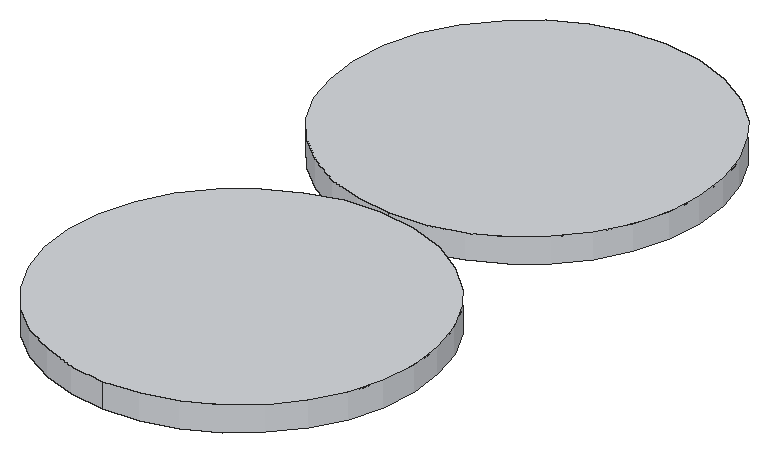
Revit family "Deca_Chuv. 1 - Aquamax_Chuveiro área externa _1998.EXT", category Plumbing Fixtures, host Face, Revit 2020
Family settings
  Host = Face
  Round Connector Dimension = Use Radius
  Part Type = Normal
  Cut with Voids When Loaded = No
  Shared = No
  Room Calculation Point = No
Parameters (values of type "1998.C.EXT_Cromado")
  WFU = 0
  Vazão na Pressão mín. (L/min) = ""
  Vazão na Pressão máx. (L/min) = ""
  URL = "www.deca.com.br"
  Tipo de rosca de saída = "-"
  Tipo de rosca de entrada = "BSP"
  Tipo de mecanismo utilizado = "Mecanismo 1/2 volta com desviador"
  Tipo de dispositivo economizador = "-"
  Segmento = "Luxo"
  Saída de Esgoto = "-"
  Raio Água Fria = 0.00 m  # constant formula
  Raio Ponto de Esgoto = 0.00 m  # constant formula
  Pressão mín. funcionamento = ""
  Pressão mín. Aquec. Passagem = "-"
  Pressão mín. Aquec. Acúmulo = "-"
  Pressão máx. funcionamento = ""
  Peso Líquido (Kg) = 0
  Norma = "Não possui"
  Model = "1998.C.EXT"
  Material = Deca_Cromado
  Manufacturer = "DECA"
  Linha = "Chuveiro de Área Externa"
  Itens de Instalação = "-"
  Informações Complementares = ""
  Diâmetro Água Fria = 2 * Raio Água Fria  # 0.00 m
  Diâmetro Ponto de Esgoto = 2 * Raio Ponto de Esgoto  # 0.00 m
  Description = ""
  Default Elevation = 0.00 m
  Código Pai = "1998.C.EXT"
  Criado por = "quattroD"
  Cores Componente = ""
  Cor Secundária = "-"
  Cor Principal = "Cromado"
  Cor Interna = ""
  Consumo = "-"
  Composição Componente = ""
  Composição Básica = "Liga de Cobre (Latão),Plásticos de Engenharia, Aço Inoxidavel e Elastômeros"
  Composição Assento = ""
  Composição Anel Vedação = ""
  Categoria = "Chuveiro / Duchas"
  CWFU = 0
  Atendimento ao Cliente = "0800-0117073"
  Assembly Code = ""
  Aprovado por = "quattroD"
  Acompanha o Produto = "Base"
Types (2, lengths in m): name | Model | Material | Código Pai | Cor Principal
  1998.C.EXT_Cromado | "1998.C.EXT" | Deca_Cromado | "1998.C.EXT" | "Cromado"
  1998.BL.EXT.MT | "1998.BL.EXT.MT" | Deca_Black Matte | "1998.BL.EXT.MT" | "Black Matte"
Reference planes (m)
  plane 1 "Center (Front/Back)": y = 0
  plane 2: z = 0
  plane 3 "Center (Left/Right)": x = -0.001415
  plane 4: y = 0.067696
  plane 5: y = -0.067696
  plane 6: x = 0.0877
  plane 7: x = -0.091502
  plane 8: y = -0.504804
  plane 9: y = -0.295612
  plane 10: x = 0.103498
  plane 11: x = -0.106502
  plane 12: x = -0.001415
  plane 13: y = -0.399804
  plane 14: z = 2.100294
  plane 15: z = 2.293
  plane 16: z = 1.1
  plane 17: z = 1.316018
  plane 18: x = -0.0795
  plane 19: x = 0.0715
Forms (m)
  Extrusion 1, solid
    sketch origin (-0.0015, 0.000196, 0.0065) x (-1, 0, 0) y (0, 1, 0)
      loop
        circle (-0.000703, -0.007587) r 0.007
    from 0 to 0.001
  Extrusion 2, solid
    sketch origin (-0.0015, 0.000196, 0.0065) x (-1, 0, 0) y (0, 1, 0)
      loop
        circle (-0.000966, 0.006524) r 0.007
    from 0 to 0.001
Lines and regions (m)
  Masking region 1
    outline origin (-0.963621, 0.430311, 0) x (1, 0, 0) y (0, 1, 0)
      loop
        arc (1.024819, -0.405115) -> (0.984992, -0.366608) -> (0.929759, -0.370878) r 0.0675
        arc (0.929759, -0.370878) -> (0.917277, -0.379663) -> (0.907088, -0.391028) r 0.0675
        arc (0.907088, -0.391028) -> (0.904923, -0.385828) -> (0.902066, -0.380974) r 0.040963
        arc (0.902066, -0.380974) -> (0.898815, -0.376039) -> (0.89388, -0.372789) r 0.014664
        arc (0.89388, -0.372789) -> (0.887354, -0.372528) -> (0.882112, -0.376425) r 0.009801
        arc (0.882112, -0.376425) -> (0.879662, -0.381436) -> (0.878657, -0.386921) r 0.020451
        arc (0.878657, -0.386921) -> (0.877755, -0.390409) -> (0.87766, -0.39401) r 0.015918
        arc (0.87766, -0.39401) -> (0.877251, -0.399555) -> (0.877166, -0.405115) r 0.095496
        line (0.877166, -0.405115) -> (0.87312, -0.405115)
        arc (0.87312, -0.405115) -> (0.872413, -0.405408) -> (0.87212, -0.406115) r 0.001
        line (0.87212, -0.406115) -> (0.87212, -0.421165)
        arc (0.87212, -0.421165) -> (0.872446, -0.421904) -> (0.873212, -0.422161) r 0.001
        arc (0.873212, -0.422161) -> (0.870626, -0.429691) -> (0.872734, -0.437369) r 0.0135
        arc (0.872734, -0.437369) -> (0.87263, -0.437772) -> (0.87264, -0.438188) r 0.0015
        arc (0.87264, -0.438188) -> (0.87226, -0.438555) -> (0.87212, -0.439065) r 0.001
        line (0.87212, -0.439065) -> (0.87212, -0.454115)
        arc (0.87212, -0.454115) -> (0.872413, -0.454822) -> (0.87312, -0.455115) r 0.001
        line (0.87312, -0.455115) -> (0.878355, -0.455115)
        arc (0.878355, -0.455115) -> (0.879341, -0.467022) -> (0.880022, -0.478951) r 0.467626
        arc (0.880022, -0.478951) -> (0.8886, -0.485715) -> (0.895878, -0.477568) r 0.007973
        arc (0.895878, -0.477568) -> (0.895341, -0.466324) -> (0.894307, -0.455115) r 0.254875
        line (0.894307, -0.455115) -> (0.89942, -0.455115)
        arc (0.89942, -0.455115) -> (0.919019, -0.482062) -> (0.94912, -0.496351) r 0.0675
        line (0.94912, -0.496351) -> (0.94912, -0.725923)
        arc (0.94912, -0.725923) -> (0.901062, -0.744692) -> (0.867746, -0.784086) r 0.105
        arc (0.867746, -0.784086) -> (0.858715, -0.848348) -> (0.889181, -0.905646) r 0.105
        arc (0.889181, -0.905646) -> (1.056847, -0.875411) -> (0.97512, -0.725923) r 0.105
        line (0.97512, -0.725923) -> (0.97512, -0.496351)
        arc (0.97512, -0.496351) -> (0.985069, -0.493594) -> (0.994481, -0.489352) r 0.0675
        arc (0.994481, -0.489352) -> (1.012639, -0.474882) -> (1.024819, -0.455115) r 0.0675
        line (1.024819, -0.455115) -> (1.04832, -0.455115) -> (1.05132, -0.452115) -> (1.05132, -0.408115) -> (1.04832, -0.405115) -> (1.024819, -0.405115)
  Masking region 2
    outline origin (-0.001415, 1.771022, -0.090396) x (0, 1, 0) y (0, 0, 1)
      loop
        line (-1.783926, 2.248396) -> (-1.783926, 1.405097) -> (-1.784326, 1.404403) -> (-1.784326, 1.403514) -> (-1.784326, 1.397514) -> (-1.785026, 1.396699) -> (-1.785026, 1.394864) -> (-1.78666, 1.394864) -> (-1.78666, 1.393164) -> (-1.785026, 1.393164) -> (-1.785026, 1.391864) -> (-1.786826, 1.391864) -> (-1.786826, 1.390164) -> (-1.785026, 1.390164) -> (-1.785026, 1.379864) -> (-1.78582, 1.379864) -> (-1.78582, 1.378164) -> (-1.785026, 1.378164) -> (-1.785026, 1.376864) -> (-1.786665, 1.376864) -> (-1.786665, 1.375164) -> (-1.785026, 1.375164) -> (-1.785026, 1.373864) -> (-1.786826, 1.373864) -> (-1.786826, 1.372164) -> (-1.785026, 1.372164) -> (-1.785026, 1.370864) -> (-1.786665, 1.370864) -> (-1.786665, 1.369164) -> (-1.785026, 1.369164) -> (-1.785026, 1.367864) -> (-1.786826, 1.367864) -> (-1.786826, 1.366164) -> (-1.785026, 1.366164) -> (-1.785026, 1.364864) -> (-1.786665, 1.364864) -> (-1.786665, 1.363164) -> (-1.785026, 1.363164) -> (-1.785026, 1.361864) -> (-1.786826, 1.361864) -> (-1.786826, 1.360164) -> (-1.785026, 1.360164) -> (-1.785026, 1.358864) -> (-1.786665, 1.358864) -> (-1.786665, 1.357164) -> (-1.785026, 1.357164) -> (-1.785026, 1.355864) -> (-1.785814, 1.355864) -> (-1.785814, 1.354164) -> (-1.784992, 1.354164) -> (-1.784992, 1.34387) -> (-1.786826, 1.34387) -> (-1.786826, 1.342164) -> (-1.785026, 1.342164) -> (-1.785026, 1.340864) -> (-1.786668, 1.340864) -> (-1.786668, 1.339164) -> (-1.785026, 1.339164) -> (-1.785026, 1.337514)
        arc (-1.785026, 1.337514) -> (-1.7848, 1.337096) -> (-1.784326, 1.337056) r 0.0005
        line (-1.784326, 1.337056) -> (-1.784326, 1.243396) -> (-1.790826, 1.243396) -> (-1.790826, 1.206975)
        arc (-1.790826, 1.206975) -> (-1.79104, 1.205534) -> (-1.79166, 1.204215) r 0.005
        arc (-1.79166, 1.204215) -> (-1.795754, 1.192296) -> (-1.793514, 1.179895) r 0.025
        arc (-1.793514, 1.179895) -> (-1.793168, 1.178867) -> (-1.793051, 1.177789) r 0.005
        line (-1.793051, 1.177789) -> (-1.793051, 1.147396) -> (-1.793051, 1.038445)
        arc (-1.793051, 1.038445) -> (-1.823626, 0.967198) -> (-1.853638, 0.895712) r 9.852343
        arc (-1.853638, 0.895712) -> (-1.864141, 0.865678) -> (-1.871149, 0.834643) r 0.278507
        arc (-1.871149, 0.834643) -> (-1.870884, 0.779256) -> (-1.85219, 0.727119) r 0.163938
        arc (-1.85219, 0.727119) -> (-1.826952, 0.69554) -> (-1.793051, 0.673518) r 0.126687
        line (-1.793051, 0.673518) -> (-1.793051, 0.140396) -> (-1.838326, 0.140396) -> (-1.838326, 0.090396) -> (-1.703326, 0.090396) -> (-1.703326, 0.140396) -> (-1.748601, 0.140396) -> (-1.748601, 0.657845)
        arc (-1.748601, 0.657845) -> (-1.718606, 0.656162) -> (-1.689706, 0.664366) r 0.090721
        arc (-1.689706, 0.664366) -> (-1.668624, 0.691324) -> (-1.661524, 0.724802) r 0.075922
        arc (-1.661524, 0.724802) -> (-1.676876, 0.800043) -> (-1.701201, 0.87288) r 0.634775
        arc (-1.701201, 0.87288) -> (-1.726001, 0.937595) -> (-1.748601, 1.003111) r 2.051636
        line (-1.748601, 1.003111) -> (-1.748601, 1.147396) -> (-1.748601, 1.177805)
        arc (-1.748601, 1.177805) -> (-1.748484, 1.178871) -> (-1.748142, 1.179888) r 0.005
        arc (-1.748142, 1.179888) -> (-1.745898, 1.192292) -> (-1.749993, 1.204215) r 0.025
        arc (-1.749993, 1.204215) -> (-1.750613, 1.205533) -> (-1.750826, 1.206973) r 0.005
        line (-1.750826, 1.206973) -> (-1.750826, 1.243396) -> (-1.757326, 1.243396) -> (-1.757326, 1.403514) -> (-1.757326, 1.404403) -> (-1.757826, 1.405117) -> (-1.757826, 2.268696) -> (-1.757826, 2.320396)
        arc (-1.757826, 2.320396) -> (-1.776279, 2.364944) -> (-1.820826, 2.383396) r 0.063
        line (-1.820826, 2.383396) -> (-2.120826, 2.383396)
        arc (-2.120826, 2.383396) -> (-2.165374, 2.364944) -> (-2.183826, 2.320396) r 0.063
        line (-2.183826, 2.320396) -> (-2.183826, 2.248396) -> (-2.183826, 2.246896) -> (-2.178576, 2.246896) -> (-2.178576, 2.24001) -> (-2.190226, 2.24001) -> (-2.191226, 2.23901) -> (-2.191226, 2.21091) -> (-2.187326, 2.21091) -> (-2.187326, 2.20459) -> (-2.275826, 2.20459) -> (-2.275826, 2.19379) -> (-2.271194, 2.19379)
        arc (-2.271194, 2.19379) -> (-2.268884, 2.193494) -> (-2.266561, 2.19333) r 0.041
        line (-2.266561, 2.19333) -> (-2.266469, 2.19069) -> (-2.075008, 2.19069) -> (-2.075039, 2.193332)
        arc (-2.075039, 2.193332) -> (-2.072742, 2.193497) -> (-2.070458, 2.19379) r 0.040999
        line (-2.070458, 2.19379) -> (-2.065826, 2.19379) -> (-2.065826, 2.20459) -> (-2.154326, 2.20459) -> (-2.154326, 2.21091) -> (-2.150426, 2.21091) -> (-2.150426, 2.23901) -> (-2.151426, 2.24001) -> (-2.163076, 2.24001) -> (-2.163076, 2.246896) -> (-2.157826, 2.246896) -> (-2.157826, 2.248396) -> (-2.157826, 2.320396)
        arc (-2.157826, 2.320396) -> (-2.146989, 2.346559) -> (-2.120826, 2.357396) r 0.037
        line (-2.120826, 2.357396) -> (-1.820826, 2.357396)
        arc (-1.820826, 2.357396) -> (-1.794663, 2.346559) -> (-1.783826, 2.320396) r 0.037
        line (-1.783826, 2.320396) -> (-1.783826, 2.248396)
  Masking region 3
    outline origin (-0.975871, 0, -0.096401) x (1, 0, 0) y (0, 0, 1)
      loop
        line (1.074158, 2.199795) -> (1.07937, 2.199795) -> (1.07937, 2.210595) -> (0.99087, 2.210595) -> (0.99087, 2.216915) -> (0.99477, 2.216915) -> (0.99477, 2.245015) -> (0.99377, 2.246015) -> (0.98737, 2.246015) -> (0.98737, 2.248772) -> (0.98737, 2.326401) -> (0.98737, 2.376401)
        arc (0.98737, 2.376401) -> (0.97437, 2.389401) -> (0.96137, 2.376401) r 0.013
        line (0.96137, 2.376401) -> (0.96137, 2.326401) -> (0.96137, 2.254401) -> (0.96137, 2.246015) -> (0.95497, 2.246015) -> (0.95397, 2.245015) -> (0.95397, 2.216915) -> (0.95787, 2.216915) -> (0.95787, 2.210595) -> (0.86937, 2.210595) -> (0.86937, 2.199795) -> (0.874003, 2.199795)
        arc (0.874003, 2.199795) -> (0.876399, 2.199491) -> (0.878809, 2.199329) r 0.041
        line (0.878809, 2.199329) -> (0.878901, 2.196695) -> (0.961225, 2.196695) -> (0.961225, 1.249401) -> (0.95437, 1.249401) -> (0.95437, 1.226401)
        arc (0.95437, 1.226401) -> (0.952906, 1.222865) -> (0.94937, 1.221401) r 0.005
        line (0.94937, 1.221401) -> (0.90956, 1.221401)
        arc (0.90956, 1.221401) -> (0.90908, 1.221343) -> (0.908629, 1.221171) r 0.002
        line (0.908629, 1.221171) -> (0.906695, 1.220153) -> (0.906695, 1.223544) -> (0.90987, 1.224219) -> (0.90987, 1.411019)
        arc (0.90987, 1.411019) -> (0.903156, 1.412068) -> (0.89637, 1.412419) r 0.065789
        arc (0.89637, 1.412419) -> (0.889584, 1.412068) -> (0.88287, 1.411019) r 0.065789
        line (0.88287, 1.411019) -> (0.88287, 1.224219) -> (0.886045, 1.223544) -> (0.886045, 1.219408)
        arc (0.886045, 1.219408) -> (0.884967, 1.219585) -> (0.88437, 1.21867) r 0.001
        line (0.88437, 1.21867) -> (0.88437, 1.174132)
        spline (0.88437, 1.174132) -> (0.884379, 1.174011) -> (0.884404, 1.173893) -> (0.884446, 1.173778) -> (0.884504, 1.173669) -> (0.884576, 1.173569) -> (0.884662, 1.173477) -> (0.88476, 1.173397) -> (0.884868, 1.17333) -> (0.884985, 1.173276) -> (0.885108, 1.173237) -> (0.885236, 1.173213) -> (0.885366, 1.173204)
        line (0.885366, 1.173204) -> (0.889623, 1.173204)
        arc (0.889623, 1.173204) -> (0.888267, 1.108204) -> (0.889623, 1.043204) r 1.55899
        arc (0.889623, 1.043204) -> (0.890523, 1.007218) -> (0.890224, 0.971221) r 1.079301
        arc (0.890224, 0.971221) -> (0.889786, 0.936221) -> (0.890224, 0.901221) r 1.399961
        arc (0.890224, 0.901221) -> (0.890818, 0.853721) -> (0.890224, 0.806221) r 1.899947
        arc (0.890224, 0.806221) -> (0.892705, 0.751221) -> (0.890224, 0.696221) r 0.610904
        arc (0.890224, 0.696221) -> (0.889422, 0.683417) -> (0.889329, 0.670587) r 0.232257
        arc (0.889329, 0.670587) -> (0.896423, 0.661691) -> (0.905212, 0.668918) r 0.007986
        arc (0.905212, 0.668918) -> (0.906577, 0.693524) -> (0.909626, 0.717979) r 0.359181
        arc (0.909626, 0.717979) -> (0.913368, 0.749303) -> (0.914631, 0.780824) r 0.400078
        arc (0.914631, 0.780824) -> (0.923851, 0.906781) -> (0.93237, 1.032788) r 22.720401
        arc (0.93237, 1.032788) -> (0.93213, 1.087259) -> (0.932361, 1.14173) r 6.313801
        line (0.932361, 1.14173) -> (0.93189, 1.143486) -> (0.93189, 1.159486) -> (0.935337, 1.159486) -> (0.936508, 1.160657) -> (0.936508, 1.168367) -> (0.935389, 1.169486) -> (0.933573, 1.169486) -> (0.933573, 1.170647) -> (0.934695, 1.170647) -> (0.93545, 1.171401) -> (0.947145, 1.171401)
        arc (0.947145, 1.171401) -> (0.950681, 1.169937) -> (0.952145, 1.166401) r 0.005
        line (0.952145, 1.166401) -> (0.952145, 1.153401) -> (0.952145, 0.146401) -> (0.90687, 0.146401) -> (0.90687, 0.096401) -> (1.04187, 0.096401) -> (1.04187, 0.146401) -> (0.996595, 0.146401) -> (0.996595, 1.153401) -> (0.996595, 1.166412)
        arc (0.996595, 1.166412) -> (0.998068, 1.169945) -> (1.001607, 1.171401) r 0.005
        line (1.001607, 1.171401) -> (1.026821, 1.171401) -> (1.06057, 1.171401) -> (1.06357, 1.174401) -> (1.06357, 1.218401) -> (1.06058, 1.221391) -> (1.05212, 1.221391) -> (1.05212, 1.288101) -> (1.04257, 1.288101) -> (1.04257, 1.221401) -> (1.029479, 1.221401) -> (0.99937, 1.221401)
        arc (0.99937, 1.221401) -> (0.995835, 1.222865) -> (0.99437, 1.226401) r 0.005
        line (0.99437, 1.226401) -> (0.99437, 1.249401) -> (0.98737, 1.249401) -> (0.98737, 2.196695) -> (1.070044, 2.196695) -> (1.070136, 2.199337)
        arc (1.070136, 2.199337) -> (1.072158, 2.199474) -> (1.07417, 2.19971) r 0.041
  symbolic lines
    curve 1: arc (-0.090409, 0.00815, 0) -> (-0.091175, 0.008407, 0) -> (-0.091502, 0.009146, 0) r 0.001
    curve 2: line (-0.091502, 0.009146, 0) -> (-0.091502, 0.024196, 0)
    curve 3: arc (-0.091502, 0.024196, 0) -> (-0.091209, 0.024903, 0) -> (-0.090502, 0.025196, 0) r 0.001
    curve 4: line (-0.090502, 0.025196, 0) -> (0.051998, 0.025196, 0)
    curve 5: line (0.051998, 0.025196, 0) -> (0.051998, -0.01179, 0)
    curve 6: line (0.051998, -0.01179, 0) -> (0.051998, -0.024804, 0)
    curve 7: line (0.052698, 0.025196, 0) -> (0.052698, -0.01179, 0)
    curve 8: line (0.052698, -0.01179, 0) -> (0.052698, -0.024804, 0)
    curve 9: line (0.084698, 0.025196, 0) -> (0.052698, 0.025196, 0)
    curve 10: line (0.087698, 0.022196, 0) -> (0.084698, 0.025196, 0)
    curve 11: line (0.087698, -0.021804, 0) -> (0.087698, 0.022196, 0)
    curve 12: line (0.084698, -0.024804, 0) -> (0.087698, -0.021804, 0)
    curve 13: line (0.052698, -0.024804, 0) -> (0.084698, -0.024804, 0)
    curve 14: line (0.084698, -0.024804, 0) -> (0.084698, -0.01179, 0)
    curve 15: line (0.084698, -0.01179, 0) -> (0.084698, 0.025196, 0)
    curve 16: arc (0.075667, -0.002081, 0) -> (0.073776, 0.004364, 0) -> (0.06733, 0.002473, 0) r 0.00475
    curve 17: arc (0.06733, 0.002473, 0) -> (0.069221, -0.003973, 0) -> (0.075667, -0.002081, 0) r 0.00475
    curve 18: arc (0.011498, -0.015003, 0) -> (0.01817, -0.003416, 0) -> (0.01605, 0.009784, 0) r 0.02
    curve 19: arc (0.01605, 0.009784, 0) -> (-0.01109, 0.017748, 0) -> (-0.019053, -0.009393, 0) r 0.02
    curve 20: arc (-0.019053, -0.009393, 0) -> (-0.017033, -0.012405, 0) -> (-0.014502, -0.015003, 0) r 0.02
    curve 21: arc (0.011498, 0.000196, 0) -> (-0.001502, 0.013196, 0) -> (-0.014502, 0.000196, 0) r 0.013
    curve 22: line (-0.014502, 0.000196, 0) -> (-0.014502, -0.049804, 0)
    curve 23: line (-0.014502, -0.049804, 0) -> (-0.014502, -0.349804, 0)
    curve 24: line (-0.014502, -0.349804, 0) -> (-0.014502, -0.399804, 0)
    curve 25: arc (-0.014502, -0.399804, 0) -> (-0.001502, -0.412804, 0) -> (0.011498, -0.399804, 0) r 0.013
    curve 26: line (0.011498, -0.399804, 0) -> (0.011498, -0.349804, 0)
    curve 27: line (0.011498, -0.349804, 0) -> (0.011498, -0.049804, 0)
    curve 28: line (0.011498, -0.049804, 0) -> (0.011498, 0.000196, 0)
    curve 29: arc (-0.014502, -0.384083, 0) -> (-0.021535, -0.395953, 0) -> (-0.019404, -0.409584, 0) r 0.0204
    curve 30: arc (-0.019404, -0.409584, 0) -> (0.008279, -0.417707, 0) -> (0.016401, -0.390024, 0) r 0.0204
    curve 31: arc (0.016401, -0.390024, 0) -> (0.014233, -0.38682, 0) -> (0.011498, -0.384083, 0) r 0.0204
    curve 32: arc (-0.014502, -0.385404, 0) -> (-0.020628, -0.396556, 0) -> (-0.018527, -0.409105, 0) r 0.0194
    curve 33: arc (-0.018527, -0.409105, 0) -> (0.007799, -0.416829, 0) -> (0.015524, -0.390503, 0) r 0.0194
    curve 34: arc (0.015524, -0.390503, 0) -> (0.013726, -0.387784, 0) -> (0.011498, -0.385404, 0) r 0.0194
    curve 35: line (0.051998, -0.024804, 0) -> (0.011498, -0.024804, 0)
    curve 36: line (-0.090502, -0.024804, 0) -> (-0.014502, -0.024804, 0)
    curve 37: arc (-0.091502, -0.023804, 0) -> (-0.091209, -0.024511, 0) -> (-0.090502, -0.024804, 0) r 0.001
    curve 38: line (-0.091502, -0.008754, 0) -> (-0.091502, -0.023804, 0)
    curve 39: arc (-0.090982, -0.007877, 0) -> (-0.091362, -0.008244, 0) -> (-0.091502, -0.008754, 0) r 0.001
    curve 40: arc (-0.090887, -0.007058, 0) -> (-0.090992, -0.007461, 0) -> (-0.090982, -0.007877, 0) r 0.0015
    curve 41: arc (-0.091002, -0.007633, 0) -> (-0.09092, -0.008122, 0) -> (-0.090683, -0.008557, 0) r 0.0015
    curve 42: arc (-0.090683, -0.008557, 0) -> (-0.079502, -0.014004, 0) -> (-0.06832, -0.008557, 0) r 0.0142
    curve 43: arc (-0.06832, -0.008557, 0) -> (-0.068015, -0.007835, 0) -> (-0.068116, -0.007058, 0) r 0.0015
    curve 44: arc (-0.085974, -0.011651, 0) -> (-0.067654, -0.006276, 0) -> (-0.073029, 0.012043, 0) r 0.0135
    curve 45: arc (-0.073029, 0.012043, 0) -> (-0.091349, 0.006668, 0) -> (-0.085974, -0.011651, 0) r 0.0135
    curve 46: arc (-0.091502, 0.009146, 0) -> (-0.091175, 0.008407, 0) -> (-0.090409, 0.00815, 0) r 0.001
    curve 47: line (-0.091502, 0.024196, 0) -> (-0.091502, 0.009146, 0)
    curve 48: arc (-0.090502, 0.025196, 0) -> (-0.091209, 0.024903, 0) -> (-0.091502, 0.024196, 0) r 0.001
    curve 49: line (-0.086456, 0.025196, 0) -> (-0.090502, 0.025196, 0)
    curve 50: line (-0.090502, 0.025196, 0) -> (0.051998, 0.025196, 0)
    curve 51: arc (-0.032659, -0.308778, 0) -> (-0.026734, -0.309785, 0) -> (-0.025727, -0.30386, 0) r 0.00425
    curve 52: arc (-0.025727, -0.30386, 0) -> (-0.031652, -0.302853, 0) -> (-0.032659, -0.308778, 0) r 0.00425
    curve 53: arc (-0.079657, -0.339591, 0) -> (-0.073732, -0.340599, 0) -> (-0.072725, -0.334673, 0) r 0.00425
    curve 54: arc (-0.072725, -0.334673, 0) -> (-0.07865, -0.333666, 0) -> (-0.079657, -0.339591, 0) r 0.00425
    curve 55: arc (-0.023747, -0.366945, 0) -> (-0.017821, -0.367952, 0) -> (-0.016814, -0.362027, 0) r 0.00425
    curve 56: arc (-0.016814, -0.362027, 0) -> (-0.022739, -0.36102, 0) -> (-0.023747, -0.366945, 0) r 0.00425
    curve 57: arc (-0.039626, -0.410807, 0) -> (-0.036837, -0.405482, 0) -> (-0.042161, -0.402693, 0) r 0.00425
    curve 58: arc (-0.042161, -0.402693, 0) -> (-0.04495, -0.408017, 0) -> (-0.039626, -0.410807, 0) r 0.00425
    curve 59: arc (-0.097701, -0.401308, 0) -> (-0.094912, -0.395984, 0) -> (-0.100236, -0.393195, 0) r 0.00425
    curve 60: arc (-0.100236, -0.393195, 0) -> (-0.103025, -0.398519, 0) -> (-0.097701, -0.401308, 0) r 0.00425
    curve 61: arc (-0.082919, -0.455528, 0) -> (-0.08013, -0.450204, 0) -> (-0.085454, -0.447415, 0) r 0.00425
    curve 62: arc (-0.085454, -0.447415, 0) -> (-0.088243, -0.452739, 0) -> (-0.082919, -0.455528, 0) r 0.00425
    curve 63: arc (-0.011318, -0.439367, 0) -> (-0.007117, -0.443664, 0) -> (-0.002819, -0.439463, 0) r 0.00425
    curve 64: arc (-0.002819, -0.439463, 0) -> (-0.00702, -0.435165, 0) -> (-0.011318, -0.439367, 0) r 0.00425
    curve 65: arc (-0.029798, -0.49176, 0) -> (-0.034, -0.487462, 0) -> (-0.038297, -0.491664, 0) r 0.00425
    curve 66: arc (-0.038297, -0.491664, 0) -> (-0.034096, -0.495961, 0) -> (-0.029798, -0.49176, 0) r 0.00425
    curve 67: arc (0.026336, -0.494456, 0) -> (0.022134, -0.490158, 0) -> (0.017836, -0.49436, 0) r 0.00425
    curve 68: arc (0.017836, -0.49436, 0) -> (0.022038, -0.498658, 0) -> (0.026336, -0.494456, 0) r 0.00425
    curve 69: arc (0.074491, -0.463185, 0) -> (0.079877, -0.460517, 0) -> (0.077209, -0.455131, 0) r 0.00425
    curve 70: arc (0.077209, -0.455131, 0) -> (0.071823, -0.457799, 0) -> (0.074491, -0.463185, 0) r 0.00425
    curve 71: arc (0.033091, -0.421366, 0) -> (0.038477, -0.418698, 0) -> (0.035809, -0.413312, 0) r 0.00425
    curve 72: arc (0.035809, -0.413312, 0) -> (0.030423, -0.41598, 0) -> (0.033091, -0.421366, 0) r 0.00425
    curve 73: arc (0.09712, -0.402578, 0) -> (0.091734, -0.405246, 0) -> (0.094402, -0.410632, 0) r 0.00425
    curve 74: arc (0.094402, -0.410632, 0) -> (0.099788, -0.407964, 0) -> (0.09712, -0.402578, 0) r 0.00425
    curve 75: arc (0.029695, -0.373567, 0) -> (0.028822, -0.367621, 0) -> (0.022875, -0.368494, 0) r 0.00425
    curve 76: arc (0.022875, -0.368494, 0) -> (0.023748, -0.37444, 0) -> (0.029695, -0.373567, 0) r 0.00425
    curve 77: arc (0.082261, -0.347116, 0) -> (0.081388, -0.34117, 0) -> (0.075441, -0.342043, 0) r 0.00425
    curve 78: arc (0.075441, -0.342043, 0) -> (0.076314, -0.347989, 0) -> (0.082261, -0.347116, 0) r 0.00425
    curve 79: arc (0.038432, -0.31194, 0) -> (0.037559, -0.305994, 0) -> (0.031613, -0.306867, 0) r 0.00425
    curve 80: arc (0.031613, -0.306867, 0) -> (0.032486, -0.312813, 0) -> (0.038432, -0.31194, 0) r 0.00425
    curve 81: arc (-0.078434, -0.338723, 0) -> (-0.0746, -0.339375, 0) -> (-0.073948, -0.335541, 0) r 0.00275
    curve 82: arc (-0.073948, -0.335541, 0) -> (-0.077782, -0.334889, 0) -> (-0.078434, -0.338723, 0) r 0.00275
    curve 83: arc (-0.022523, -0.366077, 0) -> (-0.018689, -0.366729, 0) -> (-0.018038, -0.362895, 0) r 0.00275
    curve 84: arc (-0.018038, -0.362895, 0) -> (-0.021872, -0.362243, 0) -> (-0.022523, -0.366077, 0) r 0.00275
    curve 85: arc (-0.02695, -0.304728, 0) -> (-0.030784, -0.304076, 0) -> (-0.031436, -0.30791, 0) r 0.00275
    curve 86: arc (-0.031436, -0.30791, 0) -> (-0.027602, -0.308562, 0) -> (-0.02695, -0.304728, 0) r 0.00275
    curve 87: arc (-0.098148, -0.399877, 0) -> (-0.096343, -0.396432, 0) -> (-0.099788, -0.394627, 0) r 0.00275
    curve 88: arc (-0.099788, -0.394627, 0) -> (-0.101593, -0.398072, 0) -> (-0.098148, -0.399877, 0) r 0.00275
    curve 89: arc (-0.040074, -0.409375, 0) -> (-0.038269, -0.40593, 0) -> (-0.041714, -0.404125, 0) r 0.00275
    curve 90: arc (-0.041714, -0.404125, 0) -> (-0.043519, -0.40757, 0) -> (-0.040074, -0.409375, 0) r 0.00275
    curve 91: arc (-0.083366, -0.454096, 0) -> (-0.081561, -0.450651, 0) -> (-0.085006, -0.448846, 0) r 0.00275
    curve 92: arc (-0.085006, -0.448846, 0) -> (-0.086811, -0.452291, 0) -> (-0.083366, -0.454096, 0) r 0.00275
    curve 93: arc (-0.036798, -0.49168, 0) -> (-0.034079, -0.494461, 0) -> (-0.031298, -0.491743, 0) r 0.00275
    curve 94: arc (-0.031298, -0.491743, 0) -> (-0.034017, -0.488962, 0) -> (-0.036798, -0.49168, 0) r 0.00275
    curve 95: arc (-0.004319, -0.439446, 0) -> (-0.007037, -0.436665, 0) -> (-0.009818, -0.439384, 0) r 0.00275
    curve 96: arc (-0.009818, -0.439384, 0) -> (-0.0071, -0.442165, 0) -> (-0.004319, -0.439446, 0) r 0.00275
    curve 97: arc (0.024836, -0.494439, 0) -> (0.022117, -0.491658, 0) -> (0.019336, -0.494377, 0) r 0.00275
    curve 98: arc (0.019336, -0.494377, 0) -> (0.022055, -0.497158, 0) -> (0.024836, -0.494439, 0) r 0.00275
    curve 99: arc (0.074971, -0.461764, 0) -> (0.078456, -0.460038, 0) -> (0.07673, -0.456553, 0) r 0.00275
    curve 100: arc (0.07673, -0.456553, 0) -> (0.073245, -0.458279, 0) -> (0.074971, -0.461764, 0) r 0.00275
    curve 101: arc (0.033571, -0.419945, 0) -> (0.037056, -0.418218, 0) -> (0.035329, -0.414733, 0) r 0.00275
    curve 102: arc (0.035329, -0.414733, 0) -> (0.031845, -0.41646, 0) -> (0.033571, -0.419945, 0) r 0.00275
    curve 103: arc (0.094882, -0.409211, 0) -> (0.098367, -0.407485, 0) -> (0.09664, -0.404, 0) r 0.00275
    curve 104: arc (0.09664, -0.404, 0) -> (0.093155, -0.405726, 0) -> (0.094882, -0.409211, 0) r 0.00275
    curve 105: arc (0.028491, -0.372672, 0) -> (0.027926, -0.368824, 0) -> (0.024078, -0.369389, 0) r 0.00275
    curve 106: arc (0.024078, -0.369389, 0) -> (0.024643, -0.373237, 0) -> (0.028491, -0.372672, 0) r 0.00275
    curve 107: arc (0.081057, -0.346221, 0) -> (0.080492, -0.342373, 0) -> (0.076644, -0.342938, 0) r 0.00275
    curve 108: arc (0.076644, -0.342938, 0) -> (0.077209, -0.346786, 0) -> (0.081057, -0.346221, 0) r 0.00275
    curve 109: arc (0.037229, -0.311045, 0) -> (0.036664, -0.307197, 0) -> (0.032816, -0.307762, 0) r 0.00275
    curve 110: arc (0.032816, -0.307762, 0) -> (0.033381, -0.31161, 0) -> (0.037229, -0.311045, 0) r 0.00275
    curve 111: arc (-0.056533, 0.039283, 0) -> (-0.053726, 0.032296, 0) -> (-0.051219, 0.025196, 0) r 0.176911
    curve 112: arc (-0.076939, 0.043891, 0) -> (-0.071828, 0.034842, 0) -> (-0.067961, 0.025196, 0) r 0.078278
    curve 113: arc (-0.071077, 0.025196, 0) -> (-0.070538, 0.028367, 0) -> (-0.070351, 0.031579, 0) r 0.029142
    curve 114: line (-0.001415, -0.386804, 2.158) -> (-0.001415, -0.399804, 2.158)
    curve 115: line (-0.001415, -0.399804, 2.158) -> (-0.001415, -0.412804, 2.158)
    curve 116: line (-0.001415, -0.392054, 2.1565) -> (-0.001415, -0.386804, 2.1565)
    curve 117: line (-0.001415, -0.412804, 2.1565) -> (-0.001415, -0.388395, 2.1565)
    curve 118: line (-0.001415, -0.409105, 2.149614) -> (-0.001415, -0.380404, 2.149614)
    curve 119: line (-0.001415, -0.407554, 2.149614) -> (-0.001415, -0.419204, 2.149614)
    curve 120: line (-0.001415, -0.409584, 2.148614) -> (-0.001415, -0.379404, 2.148614)
    curve 121: line (-0.001415, -0.420204, 2.148614) -> (-0.001415, -0.409584, 2.148614)
    curve 122: line (-0.001415, -0.409584, 2.121014) -> (-0.001415, -0.379404, 2.121014)
    curve 123: line (-0.001415, -0.420204, 2.121014) -> (-0.001415, -0.409584, 2.121014)
    curve 124: line (-0.001415, -0.379904, 2.120514) -> (-0.001415, -0.409345, 2.120514)
    curve 125: line (-0.001415, -0.409345, 2.120514) -> (-0.001415, -0.419704, 2.120514)
    curve 126: line (-0.001415, -0.407715, 2.114694) -> (-0.001415, -0.383304, 2.114694)
    curve 127: line (-0.001415, -0.416304, 2.114694) -> (-0.001415, -0.407715, 2.114694)
    curve 128: line (-0.001415, -0.353775, 2.114194) -> (-0.001415, -0.475335, 2.114194)
    curve 129: arc (-0.001415, 0.000196, 1.316018) -> (-0.001415, 0.006728, 1.315693) -> (-0.001415, 0.013196, 1.314721) r 0.065789
    curve 130: arc (-0.001415, -0.012904, 1.314701) -> (-0.001415, -0.006387, 1.315688) -> (-0.001415, 0.000196, 1.316018) r 0.065789
    curve 131: line (-0.001415, -0.0113, 1.314721) -> (-0.001415, -0.012904, 1.314701)
    curve 132: line (-0.001415, 0.013196, 1.314721) -> (-0.001415, -0.0113, 1.314721)
    curve 133: line (-0.001415, 0.013696, 1.314211) -> (-0.001415, -0.011651, 1.314211)
    curve 134: line (-0.001415, -0.011651, 1.314211) -> (-0.001415, -0.013304, 1.314211)
    curve 135: line (-0.001415, -0.011651, 1.313118) -> (-0.001415, -0.013304, 1.313118)
    curve 136: line (-0.001415, 0.013696, 1.313118) -> (-0.001415, -0.011651, 1.313118)
    curve 137: line (-0.001415, -0.00829, 1.307118) -> (-0.001415, -0.012304, 1.307118)
    curve 138: line (-0.001415, -0.005989, 1.305618) -> (-0.001415, -0.005989, 1.247618)
    curve 139: line (-0.001415, -0.008289, 1.246118) -> (-0.001415, -0.013304, 1.246118)
    curve 140: line (-0.001415, -0.014004, 1.304468) -> (-0.001415, -0.014004, 1.302768)
    curve 141: line (-0.001415, -0.014004, 1.301468) -> (-0.001415, -0.014004, 1.299768)
    curve 142: arc (-0.001415, -0.00829, 1.307118) -> (-0.001415, -0.006916, 1.30671) -> (-0.001415, -0.005989, 1.305618) r 0.002515
    curve 143: line (-0.001415, -0.014004, 1.289468) -> (-0.001415, -0.014004, 1.287768)
    curve 144: line (-0.001415, -0.014004, 1.286468) -> (-0.001415, -0.014004, 1.284768)
    curve 145: line (-0.001415, -0.014004, 1.283468) -> (-0.001415, -0.014004, 1.281768)
    curve 146: line (-0.001415, -0.014004, 1.280468) -> (-0.001415, -0.014004, 1.278768)
    curve 147: line (-0.001415, -0.014004, 1.275768) -> (-0.001415, -0.014004, 1.277468)
    curve 148: line (-0.001415, -0.014004, 1.274468) -> (-0.001415, -0.014004, 1.272768)
    curve 149: line (-0.001415, -0.014004, 1.271468) -> (-0.001415, -0.014004, 1.269768)
    curve 150: line (-0.001415, -0.014004, 1.268468) -> (-0.001415, -0.014004, 1.266768)
    curve 151: line (-0.001415, -0.014004, 1.265468) -> (-0.001415, -0.014004, 1.263753)
    curve 152: line (-0.001415, -0.01397, 1.253474) -> (-0.001415, -0.01397, 1.251773)
    curve 153: line (-0.001415, -0.014004, 1.250468) -> (-0.001415, -0.014004, 1.248768)
    curve 154: arc (-0.001415, -0.005989, 1.247618) -> (-0.001415, -0.006916, 1.246526) -> (-0.001415, -0.008289, 1.246118) r 0.002514
    curve 155: line (-0.001415, 0.013696, 1.153) -> (-0.001415, 0.013696, 1.127818)
    curve 156: line (-0.001415, 0.013696, 1.127818) -> (-0.001415, 0.010505, 1.127078)
    curve 157: arc (-0.001415, 0.010505, 1.127078) -> (-0.001415, 0.016083, 1.122504) -> (-0.001415, 0.020196, 1.116577) r 0.026099
    curve 158: line (-0.001415, 0.013696, 1.129318) -> (-0.001415, 0.012043, 1.129318)
    curve 159: line (-0.001415, 0.012043, 1.129318) -> (-0.001415, -0.013155, 1.129318)
    curve 160: line (-0.001415, 0.012043, 1.127818) -> (-0.001415, 0.013696, 1.127818)
    curve 161: line (-0.001415, -0.013304, 1.127818) -> (-0.001415, 0.012043, 1.127818)
    curve 162: line (-0.001415, -0.010129, 1.127143) -> (-0.001415, 0.009257, 1.127143)
    curve 163: line (-0.001415, 0.009257, 1.127143) -> (-0.001415, 0.010521, 1.127143)
    curve 164: line (-0.001415, 0.011696, 1.124198) -> (-0.001415, 0.01163, 1.122232)
    curve 165: line (-0.001415, -0.011304, 1.124198) -> (-0.001415, 0.011696, 1.124198)
    curve 166: line (-0.001415, -0.011238, 1.122232) -> (-0.001415, -0.011304, 1.124198)
    curve 167: arc (-0.001415, 0.009527, 1.123193) -> (-0.001415, 0.025196, 1.099996) -> (-0.001415, 0.009519, 1.076803) r 0.025
    curve 168: arc (-0.001415, -0.009127, 1.076803) -> (-0.001415, -0.024804, 1.099996) -> (-0.001415, -0.009135, 1.123193) r 0.025
    curve 169: line (-0.001415, 0.008146, 1.077731) -> (-0.001415, 0.008146, 1.122269)
    curve 170: arc (-0.001415, 0.008146, 1.122269) -> (-0.001415, 0.00859, 1.1231) -> (-0.001415, 0.009527, 1.123193) r 0.001
    curve 171: line (-0.001415, -0.007754, 1.122269) -> (-0.001415, -0.007754, 1.077731)
    curve 172: arc (-0.001415, -0.009135, 1.123193) -> (-0.001415, -0.008198, 1.1231) -> (-0.001415, -0.007754, 1.122269) r 0.001
    curve 173: line (-0.001415, -0.007754, 1.107099) -> (-0.001415, 0.008146, 1.107099)
    curve 174: line (-0.001415, -0.007754, 1.105305) -> (-0.001415, 0.008146, 1.105305)
    curve 175: spline (-0.001415, 0.022421, 1.087398) -> (-0.001415, 0.021844, 1.085971) -> (-0.001415, 0.021205, 1.084583) -> (-0.001415, 0.020507, 1.083239) -> (-0.001415, 0.019752, 1.081942) -> (-0.001415, 0.018942, 1.080695) -> (-0.001415, 0.018079, 1.079504) -> (-0.001415, 0.017166, 1.07837) -> (-0.001415, 0.016205, 1.077297) -> (-0.001415, 0.015198, 1.076288) -> (-0.001415, 0.01415, 1.075346) -> (-0.001415, 0.013062, 1.074473) -> (-0.001415, 0.011937, 1.073673)
    curve 176: arc (-0.001415, -0.010837, 1.073228) -> (-0.001415, -0.017549, 1.079429) -> (-0.001415, -0.022029, 1.087393) r 0.029354
    curve 177: arc (-0.001415, 0.009519, 1.076803) -> (-0.001415, 0.008586, 1.076903) -> (-0.001415, 0.008146, 1.077731) r 0.001
    curve 178: arc (-0.001415, -0.007754, 1.077731) -> (-0.001415, -0.008194, 1.076903) -> (-0.001415, -0.009127, 1.076803) r 0.001
    curve 179: line (-0.001415, 0.011196, 1.073085) -> (-0.001415, 0.011196, 1.063118)
    curve 180: line (-0.001415, 0.011196, 1.063118) -> (-0.001415, 0.008071, 1.063118)
    curve 181: line (-0.001415, -0.007324, 1.063085) -> (-0.001415, -0.010837, 1.063085)
    curve 182: line (-0.001415, -0.010837, 1.063085) -> (-0.001415, -0.010837, 1.073228)
    curve 183: arc (-0.001415, -0.007324, 1.063085) -> (-0.001415, -0.007826, 1.044916) -> (-0.001415, -0.007492, 1.026742) r 0.394995
    curve 184: arc (-0.001415, -0.007492, 1.026742) -> (-0.001415, -0.008921, 0.997674) -> (-0.001415, -0.01556, 0.969338) r 0.161002
    curve 185: arc (-0.001415, -0.01556, 0.969338) -> (-0.001415, -0.018931, 0.958735) -> (-0.001415, -0.022029, 0.948049) r 0.434
    curve 186: arc (-0.001415, 0.007716, 1.063085) -> (-0.001415, 0.008218, 1.044916) -> (-0.001415, 0.007884, 1.026742) r 0.394995
    curve 187: arc (-0.001415, 0.007884, 1.026742) -> (-0.001415, 0.00782, 1.015215) -> (-0.001415, 0.008581, 1.003712) r 0.161002
    curve 188: arc (-0.001415, 0.008581, 1.003712) -> (-0.001415, 0.009247, 0.97357) -> (-0.001415, 0.014692, 0.943916) r 0.189188
    curve 189: arc (-0.001415, 0.014692, 0.943916) -> (-0.001415, 0.017703, 0.929241) -> (-0.001415, 0.022421, 0.915023) r 0.126975
    curve 190: line (-0.001415, 0.022421, 0.915023) -> (-0.001415, 0.022421, 0.912715)
    curve 191: arc (-0.001415, 0.021584, 0.865173) -> (-0.001415, 0.041012, 0.813718) -> (-0.001415, 0.061004, 0.762479) r 5.006204
    curve 192: arc (-0.001415, -0.003234, 0.95519) -> (-0.001415, 0.007226, 0.909645) -> (-0.001415, 0.021584, 0.865173) r 0.54034
    curve 193: arc (-0.001415, 0.061004, 0.762479) -> (-0.001415, 0.080927, 0.700483) -> (-0.001415, 0.092442, 0.63639) r 0.489391
    curve 194: arc (-0.001415, 0.070302, 0.587031) -> (-0.001415, 0.088107, 0.60869) -> (-0.001415, 0.092442, 0.63639) r 0.053247
    curve 195: arc (-0.001415, 0.070302, 0.587031) -> (-0.001415, 0.048659, 0.581389) -> (-0.001415, 0.026364, 0.583179) r 0.067052
    curve 196: arc (-0.001415, 0.026364, 0.583179) -> (-0.001415, -0.014319, 0.596923) -> (-0.001415, -0.049352, 0.621758) r 0.148146
    curve 197: arc (-0.001415, 0.022421, 0.567449) -> (-0.001415, -0.000345, 0.573752) -> (-0.001415, -0.022029, 0.583122) r 0.171588
    curve 198: arc (-0.001415, -0.049352, 0.621758) -> (-0.001415, -0.068513, 0.645279) -> (-0.001415, -0.081254, 0.672812) r 0.12159
    curve 199: arc (-0.001415, -0.081254, 0.672812) -> (-0.001415, -0.087119, 0.703461) -> (-0.001415, -0.085577, 0.734629) r 0.131136
    curve 200: arc (-0.001415, -0.085577, 0.734629) -> (-0.001415, -0.078092, 0.768858) -> (-0.001415, -0.067459, 0.802243) r 0.376549
    curve 201: arc (-0.001415, -0.067459, 0.802243) -> (-0.001415, -0.040588, 0.864168) -> (-0.001415, -0.01255, 0.925572) r 3.564237
    curve 202: arc (-0.001415, -0.003234, 0.95519) -> (-0.001415, -0.008338, 0.940521) -> (-0.001415, -0.01255, 0.925572) r 0.25827
    curve 203: line (-0.001415, 0.022421, 0.86292) -> (-0.001415, 0.022421, 0.583953)
    curve 204: line (-0.001415, -0.022096, 0.90501) -> (-0.001415, -0.022096, 0.601183)
    curve 205: arc (-0.001415, 0.007918, 1.012649) -> (-0.001415, 0.004085, 0.983581) -> (-0.001415, -0.003234, 0.95519) r 0.242087
    curve 206: line (-0.001415, 0.022421, 0.05) -> (-0.001415, -0.022029, 0.05)
    curve 207: line (-0.009613, 0, 2.164351) -> (-0.008007, 0, 2.165957)
    curve 208: line (-0.008007, 0, 2.165957) -> (-0.004545, 0, 2.165957)
    curve 209: line (-0.004545, 0, 2.165957) -> (0.005293, 0, 2.165957)
    curve 210: line (0.005293, 0, 2.165957) -> (0.006899, 0, 2.164351)
    curve 211: line (0.006899, 0, 2.160263) -> (0.006899, 0, 2.164351)
    curve 212: line (0.005593, 0, 2.158957) -> (0.006899, 0, 2.160263)
    curve 213: line (0.005593, 0, 2.158957) -> (0.005593, 0, 2.152957)
    curve 214: line (0.005593, 0, 2.152957) -> (0.006899, 0, 2.151651)
    curve 215: line (0.006899, 0, 2.151651) -> (0.006899, 0, 2.147563)
    curve 216: line (0.005293, 0, 2.145957) -> (0.006899, 0, 2.147563)
    curve 217: line (-0.004545, 0, 2.145957) -> (0.005293, 0, 2.145957)
    curve 218: line (-0.008007, 0, 2.145957) -> (-0.004545, 0, 2.145957)
    curve 219: line (-0.009613, 0, 2.147563) -> (-0.008007, 0, 2.145957)
    curve 220: line (-0.009613, 0, 2.147563) -> (-0.009613, 0, 2.151651)
    curve 221: line (-0.009613, 0, 2.151651) -> (-0.008307, 0, 2.152957)
    curve 222: line (-0.008307, 0, 2.152957) -> (-0.008307, 0, 2.158957)
    curve 223: line (-0.009613, 0, 2.160263) -> (-0.009613, 0, 2.164351)
    curve 224: line (-0.008307, 0, 2.158957) -> (-0.009613, 0, 2.160263)
    curve 225: line (-0.008307, 0, 2.158957) -> (-0.004689, 0, 2.158957)
    curve 226: line (-0.004689, 0, 2.158957) -> (0.005593, 0, 2.158957)
    curve 227: line (-0.004689, 0, 2.152957) -> (0.005593, 0, 2.152957)
    curve 228: line (-0.008307, 0, 2.152957) -> (-0.004689, 0, 2.152957)
    curve 229: line (-0.0145, 0, 2.158) -> (-0.008307, 0, 2.158)
    curve 230: line (0.0115, 0, 2.158) -> (0.005593, 0, 2.158)
    curve 231: line (0.0115, 0, 2.1565) -> (0.005593, 0, 2.1565)
    curve 232: line (-0.008307, 0, 2.1565) -> (-0.0145, 0, 2.1565)
    curve 233: line (-0.00925, 0, 2.152013) -> (-0.00925, 0, 2.1565)
    curve 234: line (0.00625, 0, 2.1523) -> (0.00625, 0, 2.1565)
    curve 235: line (0.0179, 0, 2.149614) -> (0.006899, 0, 2.149614)
    curve 236: line (-0.009613, 0, 2.149614) -> (-0.018525, 0, 2.149614)
    curve 237: line (-0.009613, 0, 2.148614) -> (-0.019403, 0, 2.148614)
    curve 238: line (-0.019403, 0, 2.148614) -> (-0.0219, 0, 2.148614)
    curve 239: line (0.0189, 0, 2.148614) -> (0.006899, 0, 2.148614)
    curve 240: line (-0.018964, 0, 2.120514) -> (0.0184, 0, 2.120514)
    curve 241: line (-0.074439, 0, 2.114194) -> (0.047794, 0, 2.114194)
    curve 242: line (-0.1065, 0, 2.103394) -> (-0.101868, 0, 2.103394)
    curve 243: line (-0.074439, 0, 2.103394) -> (-0.1065, 0, 2.103394)
    curve 244: line (0.047794, 0, 2.103394) -> (-0.074439, 0, 2.103394)
    curve 245: line (0.098288, 0, 2.103394) -> (0.1035, 0, 2.103394)
    curve 246: line (0.1035, 0, 2.103394) -> (0.047794, 0, 2.103394)
    curve 247: line (-0.0926, 0, 1.314701) -> (-0.08578, 0, 1.314701)
    curve 248: line (-0.08578, 0, 1.314701) -> (-0.066401, 0, 1.314701)
    curve 249: line (-0.09, 0, 1.307118) -> (-0.069, 0, 1.307118)
    curve 250: arc (-0.069, 0, 1.307118) -> (-0.06794, 0, 1.306679) -> (-0.0675, 0, 1.305618) r 0.0015
    curve 251: line (-0.0675, 0, 1.305618) -> (-0.0675, 0, 1.247618)
    curve 252: arc (-0.0675, 0, 1.247618) -> (-0.06794, 0, 1.246557) -> (-0.069, 0, 1.246118) r 0.0015
    curve 253: line (-0.069, 0, 1.246118) -> (-0.09, 0, 1.246118)
    curve 254: arc (-0.09, 0, 1.246118) -> (-0.091061, 0, 1.246557) -> (-0.0915, 0, 1.247618) r 0.0015
    curve 255: line (-0.0915, 0, 1.247618) -> (-0.0915, 0, 1.305618)
    curve 256: arc (-0.0915, 0, 1.305618) -> (-0.091061, 0, 1.306679) -> (-0.09, 0, 1.307118) r 0.0015
    curve 257: arc (-0.0785, 0, 1.29016) -> (-0.0795, 0, 1.297218) -> (-0.0805, 0, 1.29016) r 0.0036
    curve 258: line (-0.0805, 0, 1.29016) -> (-0.0805, 0, 1.288618)
    curve 259: line (-0.0805, 0, 1.288618) -> (-0.0785, 0, 1.288618)
    curve 260: line (-0.0785, 0, 1.288618) -> (-0.0785, 0, 1.29016)
    curve 261: arc (-0.0805, 0, 1.263076) -> (-0.0795, 0, 1.256018) -> (-0.0785, 0, 1.263076) r 0.0036
    curve 262: line (-0.0785, 0, 1.263076) -> (-0.0785, 0, 1.264618)
    curve 263: line (-0.0785, 0, 1.264618) -> (-0.0805, 0, 1.264618)
    curve 264: line (-0.0805, 0, 1.264618) -> (-0.0805, 0, 1.263076)
    curve 265: line (-0.073028, 0, 1.127818) -> (-0.093, 0, 1.127818)
    curve 266: line (-0.066, 0, 1.127818) -> (-0.073028, 0, 1.127818)
    curve 267: line (-0.07455, 0, 1.127143) -> (-0.089825, 0, 1.127143)
    curve 268: line (-0.069175, 0, 1.127143) -> (-0.07455, 0, 1.127143)
    curve 269: arc (-0.08905, 0, 1.123245) -> (-0.084176, 0, 1.121557) -> (-0.07905, 0, 1.120985) r 0.023253
    curve 270: arc (-0.07905, 0, 1.120985) -> (-0.073964, 0, 1.121837) -> (-0.069175, 0, 1.123752) r 0.024101
    curve 271: line (0.0185, 0, 1.153) -> (-0.019052, 0, 1.153)
    curve 272: arc (0.0667, 0, 1.125) -> (0.0717, 0, 1.124505) -> (0.0767, 0, 1.125) r 0.025513
    curve 273: line (0.0847, 0, 1.12194) -> (0.0847, 0, 1.075)
    curve 274: line (0.0847, 0, 1.12499) -> (0.0847, 0, 1.12194)
    curve 275: line (0.0527, 0, 1.075) -> (0.0527, 0, 1.12194)
    curve 276: line (0.0527, 0, 1.12194) -> (0.0527, 0, 1.125)
    curve 277: line (0.052, 0, 1.125) -> (0.052, 0, 1.12194)
    curve 278: line (0.052, 0, 1.12194) -> (0.052, 0, 1.075)
    curve 279: line (0.020725, 0, 1.057) -> (-0.021005, 0, 1.057)
    curve 280: line (-0.021005, 0, 1.057) -> (-0.023725, 0, 1.057)
    curve 281: arc (-0.06225, 0, 1.075) -> (-0.05153, 0, 1.077427) -> (-0.040809, 0, 1.075) r 0.02489
    curve 282: arc (-0.06985, 0, 1.075) -> (-0.077935, 0, 1.076936) -> (-0.086248, 0, 1.076803) r 0.033225
    curve 283: arc (-0.07063, 0, 1.075283) -> (-0.071695, 0, 1.037783) -> (-0.07063, 0, 1.000283) r 0.661128
    curve 284: arc (-0.07063, 0, 1.000283) -> (-0.071111, 0, 0.970283) -> (-0.07063, 0, 0.940283) r 0.936398
    curve 285: arc (-0.07063, 0, 0.940283) -> (-0.070194, 0, 0.91302) -> (-0.07063, 0, 0.885757) r 0.850974
    curve 286: arc (-0.07063, 0, 0.885757) -> (-0.068372, 0, 0.825787) -> (-0.068536, 0, 0.765775) r 1.487008
    curve 287: arc (-0.068536, 0, 0.765775) -> (-0.066636, 0, 0.710775) -> (-0.068536, 0, 0.655775) r 0.797124
    curve 288: arc (-0.068536, 0, 0.655775) -> (-0.067982, 0, 0.630214) -> (-0.068536, 0, 0.604653) r 0.589782
    curve 289: line (-0.023725, 0, 0.05) -> (0.020725, 0, 0.05)
    curve 290: arc (-0.0592, 0, 1.063174) -> (-0.059907, 0, 1.018174) -> (-0.0592, 0, 0.973174) r 1.432609
    curve 291: arc (-0.0592, 0, 0.973174) -> (-0.064712, 0, 0.930173) -> (-0.070654, 0, 0.88723) r 4.332134
    curve 292: line (-0.061934, 0, 1.075148) -> (-0.061934, 0, 1.073174)
    curve 293: line (-0.061934, 0, 1.073174) -> (-0.063637, 0, 1.071981)
    curve 294: line (-0.063637, 0, 1.071981) -> (-0.063637, 0, 1.064347)
    curve 295: line (-0.063637, 0, 1.064347) -> (-0.061605, 0, 1.063174)
    curve 296: line (-0.061605, 0, 1.063174) -> (-0.0592, 0, 1.063174)
    curve 297: line (-0.06985, 0, 1.075) -> (-0.06225, 0, 1.075)
    curve 298: line (-0.061934, 0, 1.073174) -> (-0.041934, 0, 1.073174)
    curve 299: line (-0.0592, 0, 1.063174) -> (-0.044006, 0, 1.063174)
    curve 300: line (-0.001415, -0.304017, 2.102937) -> (-0.001415, -0.495587, 2.102937)
    curve 301: line (-0.014646, 0, 2.100294) -> (0.0115, 0, 2.100294)
Dimensions and locks (m)
  aligned and locked: host face to plane 2
  aligned and locked: level to host face
Connectors (m)
  piping at (-0.000797, -0.007391, 0.0055), driven by "Raio Água Fria"
    settings: on Extrusion 1, index 1, connector diameter 0", connector inside diameter 24", connector length 0.00 m, flow factor 0, pipe flow 0 GPM, pressure drop 0.00 psi, fitting loss kfactor 0, connector angle 0.00°, fixture units 0, engagement length 0.00 m, angle of deflection 0.00°, flow configuration 3, flow direction 1, fitting loss method 4, system type 20, joint type 0, gender type 0, connector reference index -1, connector utility 0, adjustable connector no, is connector primary yes, connector description ""
  piping at (-0.000534, 0.00672, 0.0055), driven by "Raio Água Fria"
    settings: on Extrusion 2, index 2, connector diameter 0", connector inside diameter 24", connector length 0.00 m, flow factor 0, pipe flow 0 GPM, pressure drop 0.00 psi, fitting loss kfactor 0, connector angle 0.00°, fixture units 0, engagement length 0.00 m, angle of deflection 0.00°, flow configuration 3, flow direction 1, fitting loss method 4, system type 20, joint type 0, gender type 0, connector reference index -1, connector utility 0, adjustable connector no, is connector primary no, connector description ""
